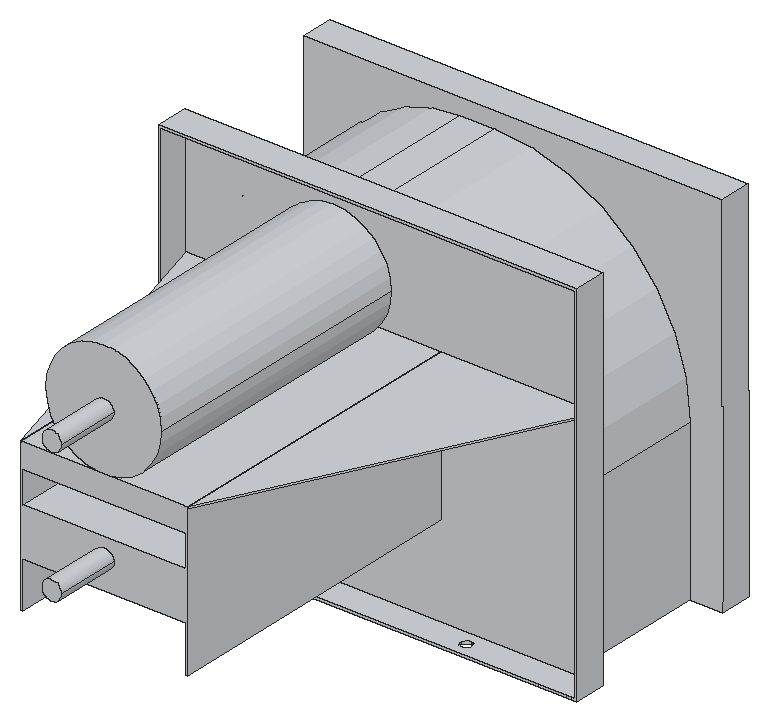
Revit family "CA-4_SWSI_ARR_2_CW_DBD", category Mechanical Equipment, Revit 2019
Family settings
  Round Connector Dimension = Use Radius
  Part Type = Normal
  Work Plane-Based = No
  Always vertical = Yes
  Cut with Voids When Loaded = No
  Shared = No
  Room Calculation Point = No
Parameters (values of type "120_CA-4_SWSI_ARR_2_CW_DBD_CLASS_3")
  S = 7 1/2"
  R = 11 7/16"
  P = 5 23/32"
  O/2 = O / 2  # 11/32"
  O = 11/16"
  N/2 = N / 2  # 19/32"
  N = 1 3/16"
  ModelID [instance] = ""
  MOTOR_RAD = N * 3  # 3 9/16"
  M = 18 7/8"
  L = 3"
  K = 15 7/8"
  J = 2"
  INLET_RAD/2 = INLET_RAD / 2  # 4 1/16"
  INLET_RAD+1.5" = INLET_RAD + 1 1/2"  # 9 5/8"
  INLET_RAD = INLET_DIA / 2  # 8 1/8"
  INLET_DIA = 16 1/4"
  F-E = F - E  # 15"
  G/5 = F / 5  # 5.15"
  F = 25 3/4"
  G = 22 3/4"
  Unit Weight [instance] = ""
  Sones [instance] = ""
  Motor RPM [instance] = ""
  Motor Enclosure [instance] = ""
  LwA [instance] = ""
  Fan RPM [instance] = ""
  E = 10 3/4"
  E-(INLET_RAD+1.5") = 3/4"
  E+(INLET_RAD+1.5") = 20"
  H = 10 3/8"
  D-((D-B)/2) = D - ((D - B) / 2)  # 11 3/16"
  D = 13 3/16"
  B = 9 3/16"
  Accessories [instance] = ""
  ARR_2_L-ARR_2_K = ARR_2_L - ARR_2_K  # 17 5/8"
  ARR_2_L = 21 5/8"
  ARR_2_K = 4"
  A = 13 1/8"
  3" = 3"  # constant formula
  Brake Hp [instance] = ""
  4" = 4"  # constant formula
  2N = N + N  # 2 3/8"
  2' = 24"
  2" = 2"  # constant formula
  1" = 1"  # constant formula
  0 = 0"  # constant formula
  Voltage [instance] = 0 V
  URL = "www.lorencook.com"
  Type Comments = "Airfoil Centrifugal Blower Arrangement 2 Clockwise Down Blast Discharge"  # constant formula
  Static Pressure [instance] = 0.00 in-wg
  Power [instance] = Voltage * Motor FLA * sqrt(if(Phase = 3, 3, 1))  # 0 VA
  Phase [instance] = 0
  Number of Poles [instance] = 1
  Motor Hp [instance] = "0"
  Motor FLA [instance] = 0 A
  Model = "CA-4 SWSI ARR 2 CW DBD CLASS 3"
  Manufacturer = "Loren Cook Company"
  CFM [instance] = 0 CFM
  1.5 = 1 1/2"  # constant formula
  ONE EIGTH = 1/8"  # constant formula
  -(ARR_2_L - ARR_2_K) = -(ARR_2_L - ARR_2_K)  # -17 5/8"
  -(((K-B)/2)-.125") = -(((K - B) / 2) - 1/8")  # -3 7/32"
  -(((D - B) / 2) - 1/8") = -(((D - B) / 2) - 1/8")  # -1 7/8"
  (R-B)/2 = (R - B) / 2  # 1 1/8"
  ((K-B)/2)+B = ((K - B) / 2) + B  # 12 17/32"
  (D-B)/2 = (D - B) / 2  # 2"
  -(((K-B)/2)+L) = -(((K - B) / 2) + L)  # -6 11/32"
  ((D-B)/2)-.125" = ((D - B) / 2) - 1/8"  # 1 7/8"
Types (55): name | S | R | P | O/2 | O | N/2 | N | MOTOR_RAD | M | L | K | J | INLET_RAD/2 | INLET_RAD+1.5" | INLET_RAD | INLET_DIA | F-E | G/5 | F | G | E | E-(INLET_RAD+1.5") | E+(INLET_RAD+1.5") | H | D-((D-B)/2) | D | B | ARR_2_L-ARR_2_K | ARR_2_L | ARR_2_K | A | 2N | Model | -(ARR_2_L - ARR_2_K) | -(((K-B)/2)-.125") | -(((D - B) / 2) - 1/8") | (R-B)/2 | ((K-B)/2)+B | (D-B)/2 | -(((K-B)/2)+L) | ((D-B)/2)-.125"
  (no name) | 7 1/2" | 11 7/16" | 5 23/32" | 11/32" | 11/16" | 19/32" | 1 3/16" | 3 9/16" | 18 7/8" | 3" | 15 7/8" | 2" | 4 1/16" | 9 5/8" | 8 1/8" | 16 1/4" | 15" | 5.15" | 25 3/4" | 22 3/4" | 10 3/4" | 3/4" | 20" | 10 3/8" | 11 3/16" | 13 3/16" | 9 3/16" | 17 5/8" | 21 5/8" | 4" | 13 1/8" | 2 3/8" | "CA-4 SWSI ARR 2 CW DBD CLASS 3" | -17 5/8" | -3 7/32" | -1 7/8" | 1 1/8" | 12 17/32" | 2" | -6 11/32" | 1 7/8"
  120_CA-4_SWSI_ARR_2_CW_DBD_CLASS_1 | 7 1/2" | 11 7/16" | 5 23/32" | 11/32" | 11/16" | 1/2" | 1" | 3" | 18 7/8" | 3" | 15 7/8" | 2" | 4 1/16" | 9 5/8" | 8 1/8" | 16 1/4" | 15" | 5.15" | 25 3/4" | 22 3/4" | 10 3/4" | 3/4" | 20" | 10 3/8" | 11 3/16" | 13 3/16" | 9 3/16" | 17 5/8" | 21 5/8" | 4" | 13 1/8" | 2" | "CA-4 SWSI ARR 2 CW DBD CLASS 1" | -17 5/8" | -3 7/32" | -1 7/8" | 1 1/8" | 12 17/32" | 2" | -6 11/32" | 1 7/8"
  120_CA-4_SWSI_ARR_2_CW_DBD_CLASS_2 | 7 1/2" | 11 7/16" | 5 23/32" | 11/32" | 11/16" | 1/2" | 1" | 3" | 18 7/8" | 3" | 15 7/8" | 2" | 4 1/16" | 9 5/8" | 8 1/8" | 16 1/4" | 15" | 5.15" | 25 3/4" | 22 3/4" | 10 3/4" | 3/4" | 20" | 10 3/8" | 11 3/16" | 13 3/16" | 9 3/16" | 17 5/8" | 21 5/8" | 4" | 13 1/8" | 2" | "CA-4 SWSI ARR 2 CW DBD CLASS 2" | -17 5/8" | -3 7/32" | -1 7/8" | 1 1/8" | 12 17/32" | 2" | -6 11/32" | 1 7/8"
  120_CA-4_SWSI_ARR_2_CW_DBD_CLASS_3 | 7 1/2" | 11 7/16" | 5 23/32" | 11/32" | 11/16" | 19/32" | 1 3/16" | 3 9/16" | 18 7/8" | 3" | 15 7/8" | 2" | 4 1/16" | 9 5/8" | 8 1/8" | 16 1/4" | 15" | 5.15" | 25 3/4" | 22 3/4" | 10 3/4" | 3/4" | 20" | 10 3/8" | 11 3/16" | 13 3/16" | 9 3/16" | 17 5/8" | 21 5/8" | 4" | 13 1/8" | 2 3/8" | "CA-4 SWSI ARR 2 CW DBD CLASS 3" | -17 5/8" | -3 7/32" | -1 7/8" | 1 1/8" | 12 17/32" | 2" | -6 11/32" | 1 7/8"
  135_CA-4_SWSI_ARR_2_CW_DBD_CLASS_1 | 8 1/2" | 12 9/16" | 6 9/32" | 11/32" | 11/16" | 1/2" | 1" | 3" | 20" | 3" | 17" | 2" | 4 7/16" | 10 3/8" | 8 7/8" | 17 3/4" | 16 3/4" | 5 3/4" | 28 3/4" | 25 1/2" | 12" | 1 1/4" | 22" | 11 5/8" | 12 5/16" | 14 5/16" | 10 5/16" | 17 5/8" | 21 5/8" | 4" | 14 3/4" | 2" | "CA-4 SWSI ARR 2 CW DBD CLASS 1" | -17 5/8" | -3 7/32" | -1 7/8" | 1 1/8" | 13 21/32" | 2" | -6 11/32" | 1 7/8"
  135_CA-4_SWSI_ARR_2_CW_DBD_CLASS_2 | 8 1/2" | 12 9/16" | 6 9/32" | 11/32" | 11/16" | 1/2" | 1" | 3" | 20" | 3" | 17" | 2" | 4 7/16" | 10 3/8" | 8 7/8" | 17 3/4" | 16 3/4" | 5 3/4" | 28 3/4" | 25 1/2" | 12" | 1 1/4" | 22" | 11 5/8" | 12 5/16" | 14 5/16" | 10 5/16" | 17 5/8" | 21 5/8" | 4" | 14 3/4" | 2" | "CA-4 SWSI ARR 2 CW DBD CLASS 2" | -17 5/8" | -3 7/32" | -1 7/8" | 1 1/8" | 13 21/32" | 2" | -6 11/32" | 1 7/8"
  135_CA-4_SWSI_ARR_2_CW_DBD_CLASS_3 | 8 1/2" | 12 9/16" | 6 9/32" | 11/32" | 11/16" | 19/32" | 1 3/16" | 3 9/16" | 20" | 3" | 17" | 2" | 4 7/16" | 10 3/8" | 8 7/8" | 17 3/4" | 16 3/4" | 5 3/4" | 28 3/4" | 25 1/2" | 12" | 1 1/4" | 22" | 11 5/8" | 12 5/16" | 14 5/16" | 10 5/16" | 17 5/8" | 21 5/8" | 4" | 14 3/4" | 2 3/8" | "CA-4 SWSI ARR 2 CW DBD CLASS 3" | -17 5/8" | -3 7/32" | -1 7/8" | 1 1/8" | 13 21/32" | 2" | -6 11/32" | 1 7/8"
  150_CA-4_SWSI_ARR_2_CW_DBD_CLASS_1 | 9" | 13 11/16" | 6 27/32" | 11/32" | 11/16" | 1/2" | 1" | 3" | 21 1/8" | 3" | 18 1/8" | 2" | 4 13/16" | 11 1/8" | 9 5/8" | 19 1/4" | 18 3/8" | 6.325" | 31 5/8" | 28 1/8" | 13 1/4" | 1 3/4" | 24" | 12 7/8" | 13 7/16" | 15 7/16" | 11 7/16" | 17 5/8" | 21 5/8" | 4" | 16 7/16" | 2" | "CA-4 SWSI ARR 2 CW DBD CLASS 1" | -17 5/8" | -3 7/32" | -1 7/8" | 1 1/8" | 14 25/32" | 2" | -6 11/32" | 1 7/8"
  150_CA-4_SWSI_ARR_2_CW_DBD_CLASS_2 | 9" | 13 11/16" | 6 27/32" | 11/32" | 11/16" | 19/32" | 1 3/16" | 3 9/16" | 21 1/8" | 3" | 18 1/8" | 2" | 4 13/16" | 11 1/8" | 9 5/8" | 19 1/4" | 18 3/8" | 6.325" | 31 5/8" | 28 1/8" | 13 1/4" | 1 3/4" | 24" | 12 7/8" | 13 7/16" | 15 7/16" | 11 7/16" | 17 5/8" | 21 5/8" | 4" | 16 7/16" | 2 3/8" | "CA-4 SWSI ARR 2 CW DBD CLASS 2" | -17 5/8" | -3 7/32" | -1 7/8" | 1 1/8" | 14 25/32" | 2" | -6 11/32" | 1 7/8"
  150_CA-4_SWSI_ARR_2_CW_DBD_CLASS_3 | 9" | 13 11/16" | 6 27/32" | 11/32" | 11/16" | 23/32" | 1 7/16" | 4 5/16" | 21 1/8" | 3" | 18 1/8" | 2" | 4 13/16" | 11 1/8" | 9 5/8" | 19 1/4" | 18 3/8" | 6.325" | 31 5/8" | 28 1/8" | 13 1/4" | 1 3/4" | 24" | 12 7/8" | 13 7/16" | 15 7/16" | 11 7/16" | 17 5/8" | 21 5/8" | 4" | 16 7/16" | 2 7/8" | "CA-4 SWSI ARR 2 CW DBD CLASS 3" | -17 5/8" | -3 7/32" | -1 7/8" | 1 1/8" | 14 25/32" | 2" | -6 11/32" | 1 7/8"
  165_CA-4_SWSI_ARR_2_CW_DBD_CLASS_1 | 10" | 14 7/8" | 7 7/16" | 11/32" | 11/16" | 1/2" | 1" | 3" | 23 15/16" | 4" | 19 5/16" | 2" | 5 5/16" | 12 1/8" | 10 5/8" | 21 1/4" | 20" | 6 7/8" | 34 3/8" | 30 7/8" | 14 3/8" | 2 1/8" | 26 3/8" | 14 1/4" | 14 5/8" | 16 5/8" | 12 5/8" | 17 5/8" | 21 5/8" | 4" | 18 1/16" | 2" | "CA-4 SWSI ARR 2 CW DBD CLASS 1" | -17 5/8" | -3 7/32" | -1 7/8" | 1 1/8" | 15 31/32" | 2" | -7 11/32" | 1 7/8"
  165_CA-4_SWSI_ARR_2_CW_DBD_CLASS_2 | 10" | 14 7/8" | 7 7/16" | 11/32" | 11/16" | 19/32" | 1 3/16" | 3 9/16" | 23 15/16" | 4" | 19 5/16" | 2" | 5 5/16" | 12 1/8" | 10 5/8" | 21 1/4" | 20" | 6 7/8" | 34 3/8" | 30 7/8" | 14 3/8" | 2 1/8" | 26 3/8" | 14 1/4" | 14 5/8" | 16 5/8" | 12 5/8" | 17 5/8" | 21 5/8" | 4" | 18 1/16" | 2 3/8" | "CA-4 SWSI ARR 2 CW DBD CLASS 2" | -17 5/8" | -3 7/32" | -1 7/8" | 1 1/8" | 15 31/32" | 2" | -7 11/32" | 1 7/8"
  165_CA-4_SWSI_ARR_2_CW_DBD_CLASS_3 | 10" | 14 7/8" | 7 7/16" | 11/32" | 11/16" | 23/32" | 1 7/16" | 4 5/16" | 23 15/16" | 4" | 19 5/16" | 2" | 5 5/16" | 12 1/8" | 10 5/8" | 21 1/4" | 20" | 6 7/8" | 34 3/8" | 30 7/8" | 14 3/8" | 2 1/8" | 26 3/8" | 14 1/4" | 14 5/8" | 16 5/8" | 12 5/8" | 17 5/8" | 21 5/8" | 4" | 18 1/16" | 2 7/8" | "CA-4 SWSI ARR 2 CW DBD CLASS 3" | -17 5/8" | -3 7/32" | -1 7/8" | 1 1/8" | 15 31/32" | 2" | -7 11/32" | 1 7/8"
  180_CA-4_SWSI_ARR_2_CW_DBD_CLASS_1 | 11" | 16" | 8" | 11/32" | 11/16" | 19/32" | 1 3/16" | 3 9/16" | 24 15/16" | 4 1/2" | 20 7/16" | 2" | 5 11/16" | 12 7/8" | 11 3/8" | 22 3/4" | 21 1/2" | 7.425" | 37 1/8" | 33 5/8" | 15 5/8" | 2 5/8" | 28 3/8" | 15 1/2" | 15 3/4" | 17 3/4" | 13 3/4" | 20 1/8" | 24 3/8" | 4 1/4" | 19 11/16" | 2 3/8" | "CA-4 SWSI ARR 2 CW DBD CLASS 1" | -20 1/8" | -3 7/32" | -1 7/8" | 1 1/8" | 17 3/32" | 2" | -7 27/32" | 1 7/8"
  180_CA-4_SWSI_ARR_2_CW_DBD_CLASS_2 | 11" | 16" | 8" | 11/32" | 11/16" | 23/32" | 1 7/16" | 4 5/16" | 24 15/16" | 4 1/2" | 20 7/16" | 2" | 5 11/16" | 12 7/8" | 11 3/8" | 22 3/4" | 21 1/2" | 7.425" | 37 1/8" | 33 5/8" | 15 5/8" | 2 5/8" | 28 3/8" | 15 1/2" | 15 3/4" | 17 3/4" | 13 3/4" | 20 1/8" | 24 3/8" | 4 1/4" | 19 11/16" | 2 7/8" | "CA-4 SWSI ARR 2 CW DBD CLASS 2" | -20 1/8" | -3 7/32" | -1 7/8" | 1 1/8" | 17 3/32" | 2" | -7 27/32" | 1 7/8"
  180_CA-4_SWSI_ARR_2_CW_DBD_CLASS_3 | 11" | 16" | 8" | 11/32" | 11/16" | 27/32" | 1 11/16" | 5 1/16" | 24 15/16" | 4 1/2" | 20 7/16" | 2" | 5 11/16" | 12 7/8" | 11 3/8" | 22 3/4" | 21 1/2" | 7.425" | 37 1/8" | 33 5/8" | 15 5/8" | 2 5/8" | 28 3/8" | 15 1/2" | 15 3/4" | 17 3/4" | 13 3/4" | 20 1/8" | 24 3/8" | 4 1/4" | 19 11/16" | 3 3/8" | "CA-4 SWSI ARR 2 CW DBD CLASS 3" | -20 1/8" | -3 7/32" | -1 7/8" | 1 1/8" | 17 3/32" | 2" | -7 27/32" | 1 7/8"
  195_CA-4_SWSI_ARR_2_CW_DBD_CLASS_1 | 11 1/2" | 17 3/16" | 8 19/32" | 11/32" | 11/16" | 23/32" | 1 7/16" | 4 5/16" | 27 3/16" | 4 1/2" | 22 11/16" | 2" | 6 1/16" | 13 5/8" | 12 1/8" | 24 1/4" | 23 1/4" | 8" | 40" | 36 1/4" | 16 3/4" | 3 1/8" | 30 3/8" | 16 3/4" | 16 15/16" | 18 15/16" | 14 15/16" | 20 1/8" | 24 3/8" | 4 1/4" | 21 5/16" | 2 7/8" | "CA-4 SWSI ARR 2 CW DBD CLASS 1" | -20 1/8" | -3 3/4" | -1 7/8" | 1 1/8" | 18 13/16" | 2" | -8 3/8" | 1 7/8"
  195_CA-4_SWSI_ARR_2_CW_DBD_CLASS_2 | 11 1/2" | 17 3/16" | 8 19/32" | 11/32" | 11/16" | 23/32" | 1 7/16" | 4 5/16" | 27 3/16" | 4 1/2" | 22 11/16" | 2" | 6 1/16" | 13 5/8" | 12 1/8" | 24 1/4" | 23 1/4" | 8" | 40" | 36 1/4" | 16 3/4" | 3 1/8" | 30 3/8" | 16 3/4" | 16 15/16" | 18 15/16" | 14 15/16" | 20 1/8" | 24 3/8" | 4 1/4" | 21 5/16" | 2 7/8" | "CA-4 SWSI ARR 2 CW DBD CLASS 2" | -20 1/8" | -3 3/4" | -1 7/8" | 1 1/8" | 18 13/16" | 2" | -8 3/8" | 1 7/8"
  195_CA-4_SWSI_ARR_2_CW_DBD_CLASS_3 | 11 1/2" | 17 3/16" | 8 19/32" | 11/32" | 11/16" | 27/32" | 1 11/16" | 5 1/16" | 27 3/16" | 4 1/2" | 22 11/16" | 2" | 6 1/16" | 13 5/8" | 12 1/8" | 24 1/4" | 23 1/4" | 8" | 40" | 36 1/4" | 16 3/4" | 3 1/8" | 30 3/8" | 16 3/4" | 16 15/16" | 18 15/16" | 14 15/16" | 20 1/8" | 24 3/8" | 4 1/4" | 21 5/16" | 3 3/8" | "CA-4 SWSI ARR 2 CW DBD CLASS 3" | -20 1/8" | -3 3/4" | -1 7/8" | 1 1/8" | 18 13/16" | 2" | -8 3/8" | 1 7/8"
  210_CA-4_SWSI_ARR_2_CW_DBD_CLASS_1 | 12" | 18 5/16" | 9 5/32" | 13/32" | 13/16" | 23/32" | 1 7/16" | 4 5/16" | 28 13/16" | 5" | 23 13/16" | 2" | 6 1/2" | 14 1/2" | 13" | 26" | 24 7/8" | 8.575" | 42 7/8" | 39 1/8" | 18" | 3 5/8" | 32 5/8" | 18 1/8" | 18 1/16" | 20 1/16" | 16 1/16" | 23 1/8" | 27 3/8" | 4 1/4" | 23" | 2 7/8" | "CA-4 SWSI ARR 2 CW DBD CLASS 1" | -23 1/8" | -3 3/4" | -1 7/8" | 1 1/8" | 19 15/16" | 2" | -8 7/8" | 1 7/8"
  210_CA-4_SWSI_ARR_2_CW_DBD_CLASS_2 | 12" | 18 5/16" | 9 5/32" | 13/32" | 13/16" | 23/32" | 1 7/16" | 4 5/16" | 28 13/16" | 5" | 23 13/16" | 2" | 6 1/2" | 14 1/2" | 13" | 26" | 24 7/8" | 8.575" | 42 7/8" | 39 1/8" | 18" | 3 5/8" | 32 5/8" | 18 1/8" | 18 1/16" | 20 1/16" | 16 1/16" | 23 1/8" | 27 3/8" | 4 1/4" | 23" | 2 7/8" | "CA-4 SWSI ARR 2 CW DBD CLASS 2" | -23 1/8" | -3 3/4" | -1 7/8" | 1 1/8" | 19 15/16" | 2" | -8 7/8" | 1 7/8"
  210_CA-4_SWSI_ARR_2_CW_DBD_CLASS_3 | 12" | 18 5/16" | 9 5/32" | 13/32" | 13/16" | 27/32" | 1 11/16" | 5 1/16" | 28 13/16" | 5" | 23 13/16" | 2" | 6 1/2" | 14 1/2" | 13" | 26" | 24 7/8" | 8.575" | 42 7/8" | 39 1/8" | 18" | 3 5/8" | 32 5/8" | 18 1/8" | 18 1/16" | 20 1/16" | 16 1/16" | 23 1/8" | 27 3/8" | 4 1/4" | 23" | 3 3/8" | "CA-4 SWSI ARR 2 CW DBD CLASS 3" | -23 1/8" | -3 3/4" | -1 7/8" | 1 1/8" | 19 15/16" | 2" | -8 7/8" | 1 7/8"
  225_CA-4_SWSI_ARR_2_CW_DBD_CLASS_1 | 12 1/2" | 19 7/16" | 9 23/32" | 13/32" | 13/16" | 23/32" | 1 7/16" | 4 5/16" | 29 15/16" | 5" | 24 15/16" | 2" | 6 7/8" | 15 1/4" | 13 3/4" | 27 1/2" | 26 1/2" | 9.15" | 45 3/4" | 41 3/4" | 19 1/4" | 4 1/8" | 34 5/8" | 19 3/8" | 19 3/16" | 21 3/16" | 17 3/16" | 23 1/8" | 27 3/8" | 4 1/4" | 24 5/8" | 2 7/8" | "CA-4 SWSI ARR 2 CW DBD CLASS 1" | -23 1/8" | -3 3/4" | -1 7/8" | 1 1/8" | 21 1/16" | 2" | -8 7/8" | 1 7/8"
  225_CA-4_SWSI_ARR_2_CW_DBD_CLASS_2 | 12 1/2" | 19 7/16" | 9 23/32" | 13/32" | 13/16" | 23/32" | 1 7/16" | 4 5/16" | 29 15/16" | 5" | 24 15/16" | 2" | 6 7/8" | 15 1/4" | 13 3/4" | 27 1/2" | 26 1/2" | 9.15" | 45 3/4" | 41 3/4" | 19 1/4" | 4 1/8" | 34 5/8" | 19 3/8" | 19 3/16" | 21 3/16" | 17 3/16" | 23 1/8" | 27 3/8" | 4 1/4" | 24 5/8" | 2 7/8" | "CA-4 SWSI ARR 2 CW DBD CLASS 2" | -23 1/8" | -3 3/4" | -1 7/8" | 1 1/8" | 21 1/16" | 2" | -8 7/8" | 1 7/8"
  225_CA-4_SWSI_ARR_2_CW_DBD_CLASS_3 | 12 1/2" | 19 7/16" | 9 23/32" | 13/32" | 13/16" | 27/32" | 1 11/16" | 5 1/16" | 29 15/16" | 5" | 24 15/16" | 2" | 6 7/8" | 15 1/4" | 13 3/4" | 27 1/2" | 26 1/2" | 9.15" | 45 3/4" | 41 3/4" | 19 1/4" | 4 1/8" | 34 5/8" | 19 3/8" | 19 3/16" | 21 3/16" | 17 3/16" | 23 1/8" | 27 3/8" | 4 1/4" | 24 5/8" | 3 3/8" | "CA-4 SWSI ARR 2 CW DBD CLASS 3" | -23 1/8" | -3 3/4" | -1 7/8" | 1 1/8" | 21 1/16" | 2" | -8 7/8" | 1 7/8"
  245_CA-4_SWSI_ARR_2_CW_DBD_CLASS_1 | 13 1/2" | 21" | 10 1/2" | 13/32" | 13/16" | 23/32" | 1 7/16" | 4 5/16" | 32" | 5 1/2" | 26 1/2" | 2" | 7 3/8" | 16 1/4" | 14 3/4" | 29 1/2" | 28 5/8" | 9.9" | 49 1/2" | 45 3/8" | 20 7/8" | 4 7/8" | 37 3/8" | 21 1/8" | 20 3/4" | 22 3/4" | 18 3/4" | 22 9/16" | 27 13/16" | 5 1/4" | 26 13/16" | 2 7/8" | "CA-4 SWSI ARR 2 CW DBD CLASS 1" | -22 9/16" | -3 3/4" | -1 7/8" | 1 1/8" | 22 5/8" | 2" | -9 3/8" | 1 7/8"
  245_CA-4_SWSI_ARR_2_CW_DBD_CLASS_2 | 13 1/2" | 21" | 10 1/2" | 13/32" | 13/16" | 27/32" | 1 11/16" | 5 1/16" | 32" | 5 1/2" | 26 1/2" | 2" | 7 3/8" | 16 1/4" | 14 3/4" | 29 1/2" | 28 5/8" | 9.9" | 49 1/2" | 45 3/8" | 20 7/8" | 4 7/8" | 37 3/8" | 21 1/8" | 20 3/4" | 22 3/4" | 18 3/4" | 22 9/16" | 27 13/16" | 5 1/4" | 26 13/16" | 3 3/8" | "CA-4 SWSI ARR 2 CW DBD CLASS 2" | -22 9/16" | -3 3/4" | -1 7/8" | 1 1/8" | 22 5/8" | 2" | -9 3/8" | 1 7/8"
  245_CA-4_SWSI_ARR_2_CW_DBD_CLASS_3 | 13 1/2" | 21" | 10 1/2" | 13/32" | 13/16" | 31/32" | 1 15/16" | 5 13/16" | 32" | 5 1/2" | 26 1/2" | 2" | 7 3/8" | 16 1/4" | 14 3/4" | 29 1/2" | 28 5/8" | 9.9" | 49 1/2" | 45 3/8" | 20 7/8" | 4 7/8" | 37 3/8" | 21 1/8" | 20 3/4" | 22 3/4" | 18 3/4" | 22 9/16" | 27 13/16" | 5 1/4" | 26 13/16" | 3 7/8" | "CA-4 SWSI ARR 2 CW DBD CLASS 3" | -22 9/16" | -3 3/4" | -1 7/8" | 1 1/8" | 22 5/8" | 2" | -9 3/8" | 1 7/8"
  270_CA-4_SWSI_ARR_2_CW_DBD_CLASS_1 | 15" | 22 7/8" | 11 7/16" | 13/32" | 13/16" | 23/32" | 1 7/16" | 4 5/16" | 34 3/8" | 6" | 28 3/8" | 2" | 8" | 17 1/2" | 16" | 32" | 31 3/8" | 10.95" | 54 3/4" | 49 7/8" | 23 3/8" | 5 3/4" | 40 3/4" | 23 1/4" | 22 5/8" | 24 5/8" | 20 5/8" | 22 9/16" | 27 13/16" | 5 1/4" | 29 9/16" | 2 7/8" | "CA-4 SWSI ARR 2 CW DBD CLASS 1" | -22 9/16" | -3 3/4" | -1 7/8" | 1 1/8" | 24 1/2" | 2" | -9 7/8" | 1 7/8"
  270_CA-4_SWSI_ARR_2_CW_DBD_CLASS_2 | 15" | 22 7/8" | 11 7/16" | 13/32" | 13/16" | 27/32" | 1 11/16" | 5 1/16" | 34 3/8" | 6" | 28 3/8" | 2" | 8" | 17 1/2" | 16" | 32" | 31 3/8" | 10.95" | 54 3/4" | 49 7/8" | 23 3/8" | 5 3/4" | 40 3/4" | 23 1/4" | 22 5/8" | 24 5/8" | 20 5/8" | 22 9/16" | 27 13/16" | 5 1/4" | 29 9/16" | 3 3/8" | "CA-4 SWSI ARR 2 CW DBD CLASS 2" | -22 9/16" | -3 3/4" | -1 7/8" | 1 1/8" | 24 1/2" | 2" | -9 7/8" | 1 7/8"
  270_CA-4_SWSI_ARR_2_CW_DBD_CLASS_3 | 15" | 22 7/8" | 11 7/16" | 13/32" | 13/16" | 31/32" | 1 15/16" | 5 13/16" | 34 3/8" | 6" | 28 3/8" | 2" | 8" | 17 1/2" | 16" | 32" | 31 3/8" | 10.95" | 54 3/4" | 49 7/8" | 23 3/8" | 5 3/4" | 40 3/4" | 23 1/4" | 22 5/8" | 24 5/8" | 20 5/8" | 22 9/16" | 27 13/16" | 5 1/4" | 29 9/16" | 3 7/8" | "CA-4 SWSI ARR 2 CW DBD CLASS 3" | -22 9/16" | -3 3/4" | -1 7/8" | 1 1/8" | 24 1/2" | 2" | -9 7/8" | 1 7/8"
  300_CA-4_SWSI_ARR_2_CW_DBD_CLASS_1 | 16 1/2" | 25 3/16" | 12 19/32" | 13/32" | 13/16" | 27/32" | 1 11/16" | 5 1/16" | 37 3/16" | 6 1/2" | 30 11/16" | 2" | 8 3/4" | 19" | 17 1/2" | 35" | 34 5/8" | 12" | 60" | 55 3/8" | 25 3/8" | 6 7/8" | 44 7/8" | 25 7/8" | 24 15/16" | 26 15/16" | 22 15/16" | 24 7/8" | 30 3/4" | 5 7/8" | 32 13/16" | 3 3/8" | "CA-4 SWSI ARR 2 CW DBD CLASS 1" | -24 7/8" | -3 3/4" | -1 7/8" | 1 1/8" | 26 13/16" | 2" | -10 3/8" | 1 7/8"
  300_CA-4_SWSI_ARR_2_CW_DBD_CLASS_2 | 16 1/2" | 25 3/16" | 12 19/32" | 13/32" | 13/16" | 31/32" | 1 15/16" | 5 13/16" | 37 3/16" | 6 1/2" | 30 11/16" | 2" | 8 3/4" | 19" | 17 1/2" | 35" | 34 5/8" | 12" | 60" | 55 3/8" | 25 3/8" | 6 7/8" | 44 7/8" | 25 7/8" | 24 15/16" | 26 15/16" | 22 15/16" | 24 7/8" | 30 3/4" | 5 7/8" | 32 13/16" | 3 7/8" | "CA-4 SWSI ARR 2 CW DBD CLASS 2" | -24 7/8" | -3 3/4" | -1 7/8" | 1 1/8" | 26 13/16" | 2" | -10 3/8" | 1 7/8"
  300_CA-4_SWSI_ARR_2_CW_DBD_CLASS_3 | 16 1/2" | 25 3/16" | 12 19/32" | 13/32" | 13/16" | 1 3/32" | 2 3/16" | 6 9/16" | 37 3/16" | 6 1/2" | 30 11/16" | 2" | 8 3/4" | 19" | 17 1/2" | 35" | 34 5/8" | 12" | 60" | 55 3/8" | 25 3/8" | 6 7/8" | 44 7/8" | 25 7/8" | 24 15/16" | 26 15/16" | 22 15/16" | 24 7/8" | 30 3/4" | 5 7/8" | 32 13/16" | 4 3/8" | "CA-4 SWSI ARR 2 CW DBD CLASS 3" | -24 7/8" | -3 3/4" | -1 7/8" | 1 1/8" | 26 13/16" | 2" | -10 3/8" | 1 7/8"
  330_CA-4_SWSI_ARR_2_CW_DBD_CLASS_1 | 18" | 27 1/2" | 13 3/4" | 13/32" | 13/16" | 27/32" | 1 11/16" | 5 1/16" | 40" | 7" | 33" | 2" | 9 1/2" | 20 1/2" | 19" | 38" | 37 7/8" | 13.15" | 65 3/4" | 60 3/4" | 27 7/8" | 7 7/8" | 48 7/8" | 28 3/8" | 27 1/4" | 29 1/4" | 25 1/4" | 24 7/8" | 30 3/4" | 5 7/8" | 36 1/8" | 3 3/8" | "CA-4 SWSI ARR 2 CW DBD CLASS 1" | -24 7/8" | -3 3/4" | -1 7/8" | 1 1/8" | 29 1/8" | 2" | -10 7/8" | 1 7/8"
  330_CA-4_SWSI_ARR_2_CW_DBD_CLASS_2 | 18" | 27 1/2" | 13 3/4" | 13/32" | 13/16" | 1 3/32" | 2 3/16" | 6 9/16" | 40" | 7" | 33" | 2" | 9 1/2" | 20 1/2" | 19" | 38" | 37 7/8" | 13.15" | 65 3/4" | 60 3/4" | 27 7/8" | 7 7/8" | 48 7/8" | 28 3/8" | 27 1/4" | 29 1/4" | 25 1/4" | 24 7/8" | 30 3/4" | 5 7/8" | 36 1/8" | 4 3/8" | "CA-4 SWSI ARR 2 CW DBD CLASS 2" | -24 7/8" | -3 3/4" | -1 7/8" | 1 1/8" | 29 1/8" | 2" | -10 7/8" | 1 7/8"
  330_CA-4_SWSI_ARR_2_CW_DBD_CLASS_3 | 18" | 27 1/2" | 13 3/4" | 13/32" | 13/16" | 1 3/32" | 2 3/16" | 6 9/16" | 40" | 7" | 33" | 2" | 9 1/2" | 20 1/2" | 19" | 38" | 37 7/8" | 13.15" | 65 3/4" | 60 3/4" | 27 7/8" | 7 7/8" | 48 7/8" | 28 3/8" | 27 1/4" | 29 1/4" | 25 1/4" | 24 7/8" | 30 3/4" | 5 7/8" | 36 1/8" | 4 3/8" | "CA-4 SWSI ARR 2 CW DBD CLASS 3" | -24 7/8" | -3 3/4" | -1 7/8" | 1 1/8" | 29 1/8" | 2" | -10 7/8" | 1 7/8"
  365_CA-4_SWSI_ARR_2_CW_DBD_CLASS_1 | 20" | 30 1/8" | 15 1/16" | 13/32" | 13/16" | 31/32" | 1 15/16" | 5 13/16" | 43 1/8" | 7 1/2" | 35 5/8" | 2" | 10 3/8" | 22 1/4" | 20 3/4" | 41 1/2" | 41 3/4" | 14.475" | 72 3/8" | 67" | 30 5/8" | 9 1/8" | 53 5/8" | 31 3/8" | 29 7/8" | 31 7/8" | 27 7/8" | 27 1/8" | 33" | 5 7/8" | 39 15/16" | 3 7/8" | "CA-4 SWSI ARR 2 CW DBD CLASS 1" | -27 1/8" | -3 3/4" | -1 7/8" | 1 1/8" | 31 3/4" | 2" | -11 3/8" | 1 7/8"
  365_CA-4_SWSI_ARR_2_CW_DBD_CLASS_2 | 20" | 30 1/8" | 15 1/16" | 13/32" | 13/16" | 1 7/32" | 2 7/16" | 7 5/16" | 43 1/8" | 7 1/2" | 35 5/8" | 2" | 10 3/8" | 22 1/4" | 20 3/4" | 41 1/2" | 41 3/4" | 14.475" | 72 3/8" | 67" | 30 5/8" | 9 1/8" | 53 5/8" | 31 3/8" | 29 7/8" | 31 7/8" | 27 7/8" | 27 1/8" | 33" | 5 7/8" | 39 15/16" | 4 7/8" | "CA-4 SWSI ARR 2 CW DBD CLASS 2" | -27 1/8" | -3 3/4" | -1 7/8" | 1 1/8" | 31 3/4" | 2" | -11 3/8" | 1 7/8"
  365_CA-4_SWSI_ARR_2_CW_DBD_CLASS_3 | 20" | 30 1/8" | 15 1/16" | 13/32" | 13/16" | 1 7/32" | 2 7/16" | 7 5/16" | 43 1/8" | 7 1/2" | 35 5/8" | 2" | 10 3/8" | 22 1/4" | 20 3/4" | 41 1/2" | 41 3/4" | 14.475" | 72 3/8" | 67" | 30 5/8" | 9 1/8" | 53 5/8" | 31 3/8" | 29 7/8" | 31 7/8" | 27 7/8" | 27 1/8" | 33" | 5 7/8" | 39 15/16" | 4 7/8" | "CA-4 SWSI ARR 2 CW DBD CLASS 3" | -27 1/8" | -3 3/4" | -1 7/8" | 1 1/8" | 31 3/4" | 2" | -11 3/8" | 1 7/8"
  402_CA-4_SWSI_ARR_2_CW_DBD_CLASS_1 | 22" | 34 1/4" | 17 1/8" | 17/32" | 1 1/16" | 31/32" | 1 15/16" | 5 13/16" | 46 5/8" | 8" | 38 5/8" | 3" | 11 5/16" | 24 1/8" | 22 5/8" | 45 1/4" | 46 3/4" | 16.075" | 80 3/8" | 73 7/8" | 33 5/8" | 10 1/2" | 58 3/4" | 34 5/8" | 33 3/4" | 36 3/4" | 30 3/4" | 25 7/16" | 31 5/16" | 5 7/8" | 44 1/16" | 3 7/8" | "CA-4 SWSI ARR 2 CW DBD CLASS 1" | -25 7/16" | -3 13/16" | -2 7/8" | 1 3/4" | 34 11/16" | 3" | -11 15/16" | 2 7/8"
  402_CA-4_SWSI_ARR_2_CW_DBD_CLASS_2 | 22" | 34 1/4" | 17 1/8" | 17/32" | 1 1/16" | 1 7/32" | 2 7/16" | 7 5/16" | 46 5/8" | 8" | 38 5/8" | 3" | 11 5/16" | 24 1/8" | 22 5/8" | 45 1/4" | 46 3/4" | 16.075" | 80 3/8" | 73 7/8" | 33 5/8" | 10 1/2" | 58 3/4" | 34 5/8" | 33 3/4" | 36 3/4" | 30 3/4" | 25 7/16" | 31 5/16" | 5 7/8" | 44 1/16" | 4 7/8" | "CA-4 SWSI ARR 2 CW DBD CLASS 2" | -25 7/16" | -3 13/16" | -2 7/8" | 1 3/4" | 34 11/16" | 3" | -11 15/16" | 2 7/8"
  402_CA-4_SWSI_ARR_2_CW_DBD_CLASS_3 | 22" | 34 1/4" | 17 1/8" | 17/32" | 1 1/16" | 1 11/32" | 2 11/16" | 8 1/16" | 46 5/8" | 8" | 38 5/8" | 3" | 11 5/16" | 24 1/8" | 22 5/8" | 45 1/4" | 46 3/4" | 16.075" | 80 3/8" | 73 7/8" | 33 5/8" | 10 1/2" | 58 3/4" | 34 5/8" | 33 3/4" | 36 3/4" | 30 3/4" | 25 7/16" | 31 5/16" | 5 7/8" | 44 1/16" | 5 3/8" | "CA-4 SWSI ARR 2 CW DBD CLASS 3" | -25 7/16" | -3 13/16" | -2 7/8" | 1 3/4" | 34 11/16" | 3" | -11 15/16" | 2 7/8"
  445_CA-4_SWSI_ARR_2_CW_DBD_CLASS_1 | 24" | 37 1/2" | 18 3/4" | 17/32" | 1 1/16" | 31/32" | 1 15/16" | 5 13/16" | 50 3/8" | 8 1/2" | 41 7/8" | 3" | 12 3/8" | 26 1/4" | 24 3/4" | 49 1/2" | 51 3/8" | 17.7" | 88 1/2" | 81 1/2" | 37 1/8" | 12" | 64 1/2" | 38 1/4" | 37" | 40" | 34" | 26 11/16" | 33 1/16" | 6 3/8" | 48 11/16" | 3 7/8" | "CA-4 SWSI ARR 2 CW DBD CLASS 1" | -26 11/16" | -3 13/16" | -2 7/8" | 1 3/4" | 37 15/16" | 3" | -12 7/16" | 2 7/8"
  445_CA-4_SWSI_ARR_2_CW_DBD_CLASS_2 | 24" | 37 1/2" | 18 3/4" | 17/32" | 1 1/16" | 1 11/32" | 2 11/16" | 8 1/16" | 50 3/8" | 8 1/2" | 41 7/8" | 3" | 12 3/8" | 26 1/4" | 24 3/4" | 49 1/2" | 51 3/8" | 17.7" | 88 1/2" | 81 1/2" | 37 1/8" | 12" | 64 1/2" | 38 1/4" | 37" | 40" | 34" | 26 11/16" | 33 1/16" | 6 3/8" | 48 11/16" | 5 3/8" | "CA-4 SWSI ARR 2 CW DBD CLASS 2" | -26 11/16" | -3 13/16" | -2 7/8" | 1 3/4" | 37 15/16" | 3" | -12 7/16" | 2 7/8"
  445_CA-4_SWSI_ARR_2_CW_DBD_CLASS_3 | 24" | 37 1/2" | 18 3/4" | 17/32" | 1 1/16" | 1 15/32" | 2 15/16" | 8 13/16" | 50 3/8" | 8 1/2" | 41 7/8" | 3" | 12 3/8" | 26 1/4" | 24 3/4" | 49 1/2" | 51 3/8" | 17.7" | 88 1/2" | 81 1/2" | 37 1/8" | 12" | 64 1/2" | 38 1/4" | 37" | 40" | 34" | 26 11/16" | 33 1/16" | 6 3/8" | 48 11/16" | 5 7/8" | "CA-4 SWSI ARR 2 CW DBD CLASS 3" | -26 11/16" | -3 13/16" | -2 7/8" | 1 3/4" | 37 15/16" | 3" | -12 7/16" | 2 7/8"
  490_CA-4_SWSI_ARR_2_CW_DBD_CLASS_1 | 26 1/2" | 40 15/16" | 20 15/32" | 17/32" | 1 1/16" | 1 3/32" | 2 3/16" | 6 9/16" | 55 5/16" | 9" | 46 5/16" | 3" | 13 3/4" | 29" | 27 1/2" | 55" | 56 1/4" | 19.4" | 97" | 89 3/4" | 40 3/4" | 13 1/4" | 71 1/4" | 42 1/4" | 40 7/16" | 43 7/16" | 37 7/16" | 26 11/16" | 33 1/16" | 6 3/8" | 53 5/8" | 4 3/8" | "CA-4 SWSI ARR 2 CW DBD CLASS 1" | -26 11/16" | -4 5/16" | -2 7/8" | 1 3/4" | 41 7/8" | 3" | -13 7/16" | 2 7/8"
  490_CA-4_SWSI_ARR_2_CW_DBD_CLASS_2 | 26 1/2" | 40 15/16" | 20 15/32" | 17/32" | 1 1/16" | 1 11/32" | 2 11/16" | 8 1/16" | 55 5/16" | 9" | 46 5/16" | 3" | 13 3/4" | 29" | 27 1/2" | 55" | 56 1/4" | 19.4" | 97" | 89 3/4" | 40 3/4" | 13 1/4" | 71 1/4" | 42 1/4" | 40 7/16" | 43 7/16" | 37 7/16" | 26 11/16" | 33 1/16" | 6 3/8" | 53 5/8" | 5 3/8" | "CA-4 SWSI ARR 2 CW DBD CLASS 2" | -26 11/16" | -4 5/16" | -2 7/8" | 1 3/4" | 41 7/8" | 3" | -13 7/16" | 2 7/8"
  490_CA-4_SWSI_ARR_2_CW_DBD_CLASS_3 | 26 1/2" | 40 15/16" | 20 15/32" | 17/32" | 1 1/16" | 1 15/32" | 2 15/16" | 8 13/16" | 55 5/16" | 9" | 46 5/16" | 3" | 13 3/4" | 29" | 27 1/2" | 55" | 56 1/4" | 19.4" | 97" | 89 3/4" | 40 3/4" | 13 1/4" | 71 1/4" | 42 1/4" | 40 7/16" | 43 7/16" | 37 7/16" | 26 11/16" | 33 1/16" | 6 3/8" | 53 5/8" | 5 7/8" | "CA-4 SWSI ARR 2 CW DBD CLASS 3" | -26 11/16" | -4 5/16" | -2 7/8" | 1 3/4" | 41 7/8" | 3" | -13 7/16" | 2 7/8"
  540_CA-4_SWSI_ARR_2_CW_DBD_CLASS_1 | 29" | 44 3/4" | 22 3/8" | 17/32" | 1 1/16" | 1 23/32" | 3 7/16" | 10 5/16" | 61 5/8" | 9 1/2" | 52 1/8" | 3" | 15" | 31 1/2" | 30" | 60" | 61 3/4" | 21.325" | 106 5/8" | 98 3/4" | 44 7/8" | 15" | 78" | 46 1/2" | 44 1/4" | 47 1/4" | 41 1/4" | 26 7/8" | 34 3/8" | 7 1/2" | 59 1/16" | 6 7/8" | "CA-4 SWSI ARR 2 CW DBD CLASS 1" | -26 7/8" | -5 5/16" | -2 7/8" | 1 3/4" | 46 11/16" | 3" | -14 15/16" | 2 7/8"
  540_CA-4_SWSI_ARR_2_CW_DBD_CLASS_2 | 29" | 44 3/4" | 22 3/8" | 17/32" | 1 1/16" | 1 15/32" | 2 15/16" | 8 13/16" | 61 5/8" | 9 1/2" | 52 1/8" | 3" | 15" | 31 1/2" | 30" | 60" | 61 3/4" | 21.325" | 106 5/8" | 98 3/4" | 44 7/8" | 15" | 78" | 46 1/2" | 44 1/4" | 47 1/4" | 41 1/4" | 26 7/8" | 34 3/8" | 7 1/2" | 59 1/16" | 5 7/8" | "CA-4 SWSI ARR 2 CW DBD CLASS 2" | -26 7/8" | -5 5/16" | -2 7/8" | 1 3/4" | 46 11/16" | 3" | -14 15/16" | 2 7/8"
  540_CA-4_SWSI_ARR_2_CW_DBD_CLASS_3 | 29" | 44 3/4" | 22 3/8" | 17/32" | 1 1/16" | 1 23/32" | 3 7/16" | 10 5/16" | 61 5/8" | 9 1/2" | 52 1/8" | 3" | 15" | 31 1/2" | 30" | 60" | 61 3/4" | 21.325" | 106 5/8" | 98 3/4" | 44 7/8" | 15" | 78" | 46 1/2" | 44 1/4" | 47 1/4" | 41 1/4" | 26 7/8" | 34 3/8" | 7 1/2" | 59 1/16" | 6 7/8" | "CA-4 SWSI ARR 2 CW DBD CLASS 3" | -26 7/8" | -5 5/16" | -2 7/8" | 1 3/4" | 46 11/16" | 3" | -14 15/16" | 2 7/8"
  600_CA-4_SWSI_ARR_2_CW_DBD_CLASS_1 | 32" | 49 5/16" | 24 21/32" | 17/32" | 1 1/16" | 1 11/32" | 2 11/16" | 8 1/16" | 66 11/16" | 10" | 56 11/16" | 3" | 16 1/2" | 34 1/2" | 33" | 66" | 68 1/4" | 23.6" | 118" | 109 5/8" | 49 3/4" | 17 1/8" | 86 1/8" | 51 5/8" | 48 13/16" | 51 13/16" | 45 13/16" | 26 7/8" | 34 3/8" | 7 1/2" | 65 5/8" | 5 3/8" | "CA-4 SWSI ARR 2 CW DBD CLASS 1" | -26 7/8" | -5 5/16" | -2 7/8" | 1 3/4" | 51 1/4" | 3" | -15 7/16" | 2 7/8"
  600_CA-4_SWSI_ARR_2_CW_DBD_CLASS_2 | 32" | 49 5/16" | 24 21/32" | 17/32" | 1 1/16" | 1 23/32" | 3 7/16" | 10 5/16" | 66 11/16" | 10" | 56 11/16" | 3" | 16 1/2" | 34 1/2" | 33" | 66" | 68 1/4" | 23.6" | 118" | 109 5/8" | 49 3/4" | 17 1/8" | 86 1/8" | 51 5/8" | 48 13/16" | 51 13/16" | 45 13/16" | 26 7/8" | 34 3/8" | 7 1/2" | 65 5/8" | 6 7/8" | "CA-4 SWSI ARR 2 CW DBD CLASS 2" | -26 7/8" | -5 5/16" | -2 7/8" | 1 3/4" | 51 1/4" | 3" | -15 7/16" | 2 7/8"
  600_CA-4_SWSI_ARR_2_CW_DBD_CLASS_3 | 32" | 49 5/16" | 24 21/32" | 17/32" | 1 1/16" | 1 31/32" | 3 15/16" | 11 13/16" | 66 11/16" | 10" | 56 11/16" | 3" | 16 1/2" | 34 1/2" | 33" | 66" | 68 1/4" | 23.6" | 118" | 109 5/8" | 49 3/4" | 17 1/8" | 86 1/8" | 51 5/8" | 48 13/16" | 51 13/16" | 45 13/16" | 26 7/8" | 34 3/8" | 7 1/2" | 65 5/8" | 7 7/8" | "CA-4 SWSI ARR 2 CW DBD CLASS 3" | -26 7/8" | -5 5/16" | -2 7/8" | 1 3/4" | 51 1/4" | 3" | -15 7/16" | 2 7/8"
Reference planes (in)
  plane 1 "Center (Front/Back)": y = 0
  plane 2: z = 0
  plane 3 "Center (Left/Right)": x = 0.40541
Forms (in)
  Extrusion 1, solid
    sketch origin (0, 0, 0) x (1, 0, 0) y (0, 0, 1)
      loop
        line (-10.34459, 0) -> (15.40541, 0) -> (15.40541, 22.75) -> (-10.34459, 22.75) -> (-10.34459, 0)
    from 0 to 2 <- "(D-B)/2"
  Extrusion 2, solid
    sketch origin (0, 0, 0) x (1, 0, 0) y (0, 0, 1)
      loop
        line (-10.34459, 22.75) -> (-10.34459, 0) -> (15.40541, 0) -> (15.40541, 22.75) -> (-10.34459, 22.75)
    from 13.1875 <- "D" to 11.1875 <- "D-((D-B)/2)"
  Extrusion 3, void
    sketch origin (0, 0, 0) x (1, 0, 0) y (0, 0, 1)
      loop
        line (-10.21959, 22.625) -> (-10.21959, 0.125) -> (15.28041, 0.125) -> (15.28041, 22.625) -> (-10.21959, 22.625)
    from 0 to 1.875 <- "((D-B)/2)-.125""
  Extrusion 4, void
    sketch origin (0, -13.1875, 0) x (-1, 0, 0) y (0, 0, 1)
      loop
        line (10.21959, 22.625) -> (-15.28041, 22.625) -> (-15.28041, 0.125) -> (10.21959, 0.125) -> (10.21959, 22.625)
    from 0 to 1.875 <- "((D-B)/2)-.125""
  Extrusion 5, solid
    sketch origin (0, -2, 0) x (1, 0, 0) y (0, 0, 1)
      loop
        arc (13.40541, 9.75) -> (9.89069, 18.23528) -> (1.40541, 21.75) r 12
        line (1.40541, 21.75) -> (-0.71959, 21.75)
        arc (-0.71959, 21.75) -> (-6.81838, 19.2238) -> (-9.34459, 13.125) r 8.625
        line (-9.34459, 13.125) -> (-9.34459, 9.625)
        arc (-9.34459, 9.625) -> (-6.8733, 3.65879) -> (-0.90709, 1.1875) r 8.4375
        line (-0.90709, 1.1875) -> (0.28041, 1.1875) -> (0.28041, 0) -> (13.40541, 0) -> (13.40541, 9.75)
    from 0 to 9.1875 <- "B"
  Extrusion 6, solid
    sketch origin (0, -13.1875, 0) x (1, 0, 0) y (0, 0, 1)
      loop
        circle (0.40541, 10.375) r 0.59375
    from -1.875 <- "-(((D - B) / 2) - 1/8")" to 21.625 <- "ARR_2_L"
  Extrusion 7, void
    sketch origin (0, 0, 0) x (1, 0, 0) y (0, 1, 0)
      loop
        circle (-7.09459, -0.875) r 0.34375
      loop
        circle (7.90541, -0.875) r 0.34375
      loop
        circle (7.90541, -12.3125) r 0.34375
      loop
        circle (-7.09459, -12.3125) r 0.34375
    from -0.25 to 0.25
  Revolve 8, void
    sketch origin (0.40541, 0, 0) x (0, 1, 0) y (0, 0, 1)
      loop
        arc (-1.875, 18.5) -> (-3.06488, 15.62738) -> (-5.9375, 14.4375) r 4.0625
        line (-5.9375, 14.4375) -> (-5.9375, 10.96875) -> (-1.875, 10.96875) -> (-1.875, 18.5)
      axis (-5.9375, 10.375) -> (-1.875, 10.375)
    angle from 0 to 360
  Extrusion 9, solid
    sketch origin (0, -13.1875, 0) x (1, 0, 0) y (0, 0, 1)
      loop
        line (-4.74459, 15.03125) -> (-4.74459, 5.71875) -> (-4.61959, 5.71875) -> (-4.61959, 8.59375) -> (5.43041, 8.59375) -> (5.43041, 5.71875) -> (5.55541, 5.71875) -> (5.55541, 15.03125) -> (-4.74459, 15.03125)
      loop
        line (-4.61959, 13.53125) -> (-4.61959, 11.5625) -> (5.43041, 11.5625) -> (5.43041, 13.53125) -> (-4.61959, 13.53125)
    from -1.875 <- "-(((D - B) / 2) - 1/8")" to 17.625 <- "ARR_2_L-ARR_2_K"
  Extrusion 10, solid
    sketch origin (0, -30.8125, 0) x (1, 0, 0) y (0, 0, 1)
      loop
        circle (0.40541, 18.59375) r 3.5625
    from 0 to -17.625 <- "-(ARR_2_L - ARR_2_K)"
  Extrusion 11, solid
    sketch origin (0, -30.8125, 0) x (1, 0, 0) y (0, 0, 1)
      loop
        circle (0.40541, 18.59375) r 0.59375
    from 0 to 4 <- "ARR_2_K"
  Extrusion 12, solid
    sketch origin (-4.74459, -13.1875, 15.03125) x (1, 0, 0) y (0, 1, 0)
      loop
        line (10.3, -17.625) -> (19.9, 1.875) -> (10.3, 1.875) -> (10.3, -17.625)
      loop
        line (0, -17.625) -> (0, 1.875) -> (-5.35, 1.875) -> (0, -17.625)
    from 0 to -0.125
Cuts and joins
  Extrusion 3, Extrusion 7, Revolve 8 cuts Extrusion 1
  Extrusion 4, Extrusion 7 cuts Extrusion 2
  Revolve 8 cuts Extrusion 5
Dimensions and locks (in)
  "0": Extrusion 1 sketch curve to level
  "G": Extrusion 1 sketch curve to Extrusion 1 sketch curve
  "F-E": Extrusion 1 sketch curve to plane 3 "Center (Left/Right)"
  "F": Extrusion 1 sketch curve to Extrusion 1 sketch curve
  "0": Extrusion 2 sketch curve to level
  "0": Extrusion 1 to Extrusion 2 sketch curve  (x2)
  "0": Extrusion 2 sketch curve to Extrusion 1
  "ONE EIGTH": Extrusion 2 to Extrusion 3 sketch curve  (x2)
  "ONE EIGTH": Extrusion 3 sketch curve to Extrusion 2
  "ONE EIGTH": Extrusion 3 sketch curve to level
  "ONE EIGTH": Extrusion 4 sketch curve to Extrusion 2  (x2)
  "ONE EIGTH": Extrusion 2 to Extrusion 4 sketch curve
  "ONE EIGTH": Extrusion 4 sketch curve to level
  "H": Extrusion 6 sketch curve to level
  "0": Extrusion 6 sketch curve to plane 3 "Center (Left/Right)"
  "S": Extrusion 7 sketch curve to plane 3 "Center (Left/Right)"  (x2)
  "S": plane 3 "Center (Left/Right)" to Extrusion 7 sketch curve  (x2)
  "(R-B)/2": cut or joined group of Extrusion 1, Extrusion 3, Extrusion 7, Revolve 8 to Extrusion 7 sketch curve  (x2)
  "(R-B)/2": cut or joined group of Extrusion 2, Extrusion 4, Extrusion 7 to Extrusion 7 sketch curve  (x2)
  "H": Revolve 8 sketch curve to level
  "N/2": Revolve 8 sketch curve to Revolve 8 sketch curve
  "INLET_RAD/2": Revolve 8 sketch curve to Revolve 8 sketch curve  (x2)
  "INLET_RAD": Revolve 8 sketch curve to Revolve 8 sketch curve
  "0": Revolve 8 sketch curve to cut or joined group of Extrusion 1, Extrusion 3, Extrusion 7, Revolve 8
  "G/5": Extrusion 9 sketch curve to plane 3 "Center (Left/Right)"
  "G/5": plane 3 "Center (Left/Right)" to Extrusion 9 sketch curve
  "INLET_RAD/2": Extrusion 6 to Extrusion 9 sketch curve
  "INLET_RAD/2": Extrusion 9 sketch curve to Extrusion 6
  "0": Extrusion 10 sketch curve to plane 3 "Center (Left/Right)"
  "0": Extrusion 10 sketch curve to Extrusion 9
  "0": plane 3 "Center (Left/Right)" to Extrusion 11 sketch curve
  "MOTOR_RAD": Extrusion 11 sketch curve to Extrusion 9
  "1.5": Extrusion 9 sketch curve to Extrusion 9 sketch curve
  "N/2": Extrusion 9 sketch curve to Extrusion 6
  "N": Extrusion 6 to Extrusion 9 sketch curve
  "0": Extrusion 9 sketch curve to Extrusion 9 sketch curve
  "ONE EIGTH": Extrusion 9 sketch curve to Extrusion 9 sketch curve  (x4)
  "0": cut or joined group of Extrusion 2, Extrusion 4, Extrusion 7 to Extrusion 12 sketch curve
  "0": Extrusion 9 to Extrusion 12 sketch curve  (x3)
  "ONE EIGTH": Extrusion 12 sketch curve to cut or joined group of Extrusion 2, Extrusion 4, Extrusion 7
  "0": Extrusion 12 sketch curve to Extrusion 9
  "0": Extrusion 12 sketch curve to cut or joined group of Extrusion 2, Extrusion 4, Extrusion 7
  "ONE EIGTH": cut or joined group of Extrusion 2, Extrusion 4, Extrusion 7 to Extrusion 12 sketch curve
  "0": Extrusion 5 sketch curve to level
  "A": Extrusion 5 sketch curve to Extrusion 5 sketch curve
  "1"": cut or joined group of Extrusion 2, Extrusion 4, Extrusion 7 to Extrusion 5 sketch curve  (x2)
  "J": cut or joined group of Extrusion 2, Extrusion 4, Extrusion 7 to Extrusion 5 sketch curve
  "N": Extrusion 5 sketch curve to level
  "N": Extrusion 5 sketch curve to Extrusion 5 sketch curve
  "1"": Extrusion 5 sketch curve to plane 3 "Center (Left/Right)"
  "A": Extrusion 5 sketch curve to level
  "N/2": radius of Extrusion 6 sketch curve
  "O/2": radius of Extrusion 7 sketch curve  (x4)
  "MOTOR_RAD": radius of Extrusion 10 sketch curve
  "N/2": radius of Extrusion 11 sketch curve
Automatic sketch dimensions
  Revolve 8 sketch curve to Revolve 8 sketch curve = 53.38466"
  Revolve 8 sketch curve to plane 1 "Center (Front/Back)" = 17.32447"
Connectors (in)
  hvac at (0.40541, -2, 10.375), driven by "CFM", driven by "INLET_RAD"
    settings: on cut or joined group of Extrusion 1, Extrusion 3, Extrusion 7, Revolve 8, index 2, duct flow 0 CFM, flow factor 0, pres drop 0.00 in-wg, loss coef 0, conn angle 0.00°, conn width 12", conn height 12", conn diameter 16 1/4", duct sys type 29, conn prof type 0, flow config 0, flow direction 1, loss method 0, conn ref index -1, conn util no, is conn primary no, conn desc ""
  hvac at (6.84291, -6.59375, 0), driven by "CFM", driven by "A", driven by "B"
    settings: on cut or joined group of Extrusion 5, Revolve 8, index 3, duct flow 0 CFM, flow factor 0, pres drop 0.00 in-wg, loss coef 0, conn angle 0.00°, conn width 9 3/16", conn height 13 1/8", conn diameter 24", duct sys type 29, conn prof type 1, flow config 0, flow direction 2, loss method 0, conn ref index -1, conn util no, is conn primary yes, conn desc ""
